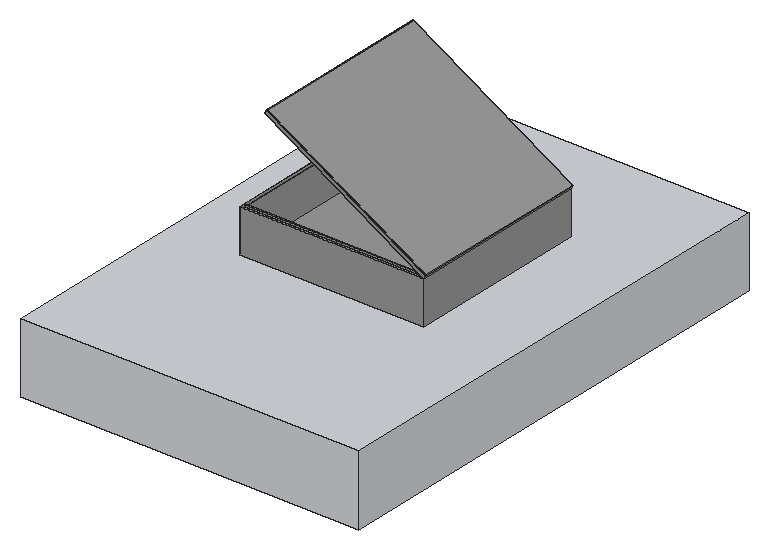
Revit family "Hager-Univers-IP44-D205-H800-Cl.I-encl-NL-en", category Equipement électrique, Revit 2020
Family settings
  Hôte = Face
  Configuration du panneau = Deux colonnes, circuits au sein
  Cote de connecteur circulaire = Utiliser le diamètre
  Type d'élément = Tableau de raccordement
  Couper avec des vides une fois chargée = Non
  Partagée = Non
  Point de calcul de pièce = Non
Parameters (values of type "Surface mounted (plaster) IP44 W800 H800 D205  - FP53QT")
  Width Control [instance] = if([EF000008 - Width] > Min Width, [EF000008 - Width], Min Width)  # 800 mm
  Commentaires du type = [HG000003 - Range]  # "Univers"
  Thickness Door [instance] = if([EF009171 - Material plate thickness door/cover] > 3 mm, 3 mm, [EF009171 - Material plate thickness door/cover])  # 1 mm
  Seal Frame Offset [instance] = 17 mm  # constant formula
  Plinth Visibility [instance] = [HG000027 - Plinth height] > 0 mm  # no
  Model = ""
  Min Width [instance] = 100 mm  # constant formula
  Min Height [instance] = 100 mm  # constant formula
  Min Depth [instance] = (2 * [EF009170 - Material plate thickness cabinet]) + 1 mm  # 3 mm
  Internal Frame Depth [instance] = (Door System Depth * 0.5)  # 9 mm
  Height Control [instance] = if([EF000040 - Height] > Min Height, [EF000040 - Height], Min Height)  # 800 mm
  HG000027 - Plinth height = 0 mm
  HG000026 - Floor standing = no
  HG000024 - Bottom section height = 800 mm
  HG000023 - Double section enclosure = no
  HG000016 - Door 3d visibility [instance] = yes
  HG000015 - Clearance visibility [instance] = no
  HG000014 - Door on the right [instance] = yes
  HG000013 - Door on the left [instance] = not([HG000014 - Door on the right])  # no
  HG000012 - Door swing angle [instance] = 30.00°
  HG000010 - Asymmetric doors = no
  HG000009 - Double swing door = no
  HG000006 - Flush mounted = no
  HG000004 - Manufacturer reference = "FP53QT"
  HG000003 - Range = "Univers"
  HG000002 - With door or cover = yes
  Frame Offset Bottom [instance] = 10 mm  # constant formula
  Frame Offset [instance] = 15 mm  # constant formula
  EF015940 - Cover with overpressure release = no
  EF011959 - Degree of protection (NEMA) = ""
  EF009554 - Number of openings for flange plates = 6
  EF009212 - Cover model = "EV000116 - Closed"
  EF009171 - Material plate thickness door/cover = 1 mm
  EF009170 - Material plate thickness cabinet = 1 mm
  Fabricant = "Hager"  # constant formula
  EF008873 - Nominal current (In) = 250 A
  EF007800 - Suitable for lightning protection = no
  EF006306 - With lock = no
  EF006244 - Transparent cover/door = no
  EF005474 - Degree of protection (IP) = "EV006418 - IP44"
  EF004464 - Type of door = "EV002646 - Single"
  EF004427 - Number of modules = 180
  EF004293 - Impact strength = "EV006815 - IK09"
  EF003532 - Suitable for outdoor use = no
  EF002950 - Width in number of modular spacings = 36
  EF001613 - Circuit integrity = "EV000494 - None"
  EF001596 - Material housing = "EV000179 - Steel"
  EF001131 - Internal depth = 205 mm
  EF001088 - Extension possible = yes
  EF000437 - Number of conduit inlets = 6
  EF000339 - Type of cover = "EV001012 - Cover"
  EF000266 - Number of rows = 5
  EF000218 - Built-in depth = 0 mm
  EF000118 - With mounting plate = no
  EF000116 - RAL-number = "9010"
  EF000049 - Depth = 205 mm
  EF000040 - Height = 800 mm
  EF000008 - Width = 800 mm
  EF000007 - Colour = "EV000202 - White"
  EF000003 - Mounting method = "EV000384 - Surface mounted (plaster)"
  Door System Leaf Tolerance [instance] = 1.5 mm  # constant formula
  Door System Depth [instance] = 18 mm  # constant formula
  Door Height [instance] = Height Control - [HG000027 - Plinth height]  # 800 mm
  Depth Control [instance] = if([EF000049 - Depth] > Min Depth, [EF000049 - Depth], Min Depth)  # 205 mm
  Default Elevation = 0 mm
  Connector Offset [instance] = Height Control / 2  # 400 mm
  Bottom Top Plate Trim [instance] = 1.5 mm  # constant formula
  Plinth height Ctrl [instance] = if([HG000027 - Plinth height] > 0 mm, [HG000027 - Plinth height], 12 mm)  # 12 mm
Types (5, lengths in mm): name | Width Control | HG000004 - Manufacturer reference | EF009554 - Number of openings for flange plates | EF004464 - Type of door | EF004427 - Number of modules | EF002950 - Width in number of modular spacings | EF000437 - Number of conduit inlets | EF000008 - Width
  Surface mounted (plaster) IP44 W1050 H800 D205  - FP54QT | 1050 | "FP54QT" | 8 | "EV003602 - Double" | 240 | 48 | 8 | 1050
  Surface mounted (plaster) IP44 W1300 H800 D205  - FP55QT | 1300 | "FP55QT" | 10 | "EV003602 - Double" | 300 | 60 | 10 | 1300
  Surface mounted (plaster) IP44 W300 H800 D205  - FP51QT | 300 | "FP51QT" | 2 | "EV002646 - Single" | 60 | 12 | 2 | 300
  Surface mounted (plaster) IP44 W550 H800 D205  - FP52QT | 550 | "FP52QT" | 4 | "EV002646 - Single" | 120 | 24 | 4 | 550
  Surface mounted (plaster) IP44 W800 H800 D205  - FP53QT | 800 | "FP53QT" | 6 | "EV002646 - Single" | 180 | 36 | 6 | 800
Reference planes
  plane 1 "Center (Front/Back)": y = 0
  plane 2: z = 0
  plane 3 "Center (Left/Right)": x = 0
  plane 4: z = 205
  plane 5: y = 1
  plane 6: y = 400
  plane 7: y = 0
  plane 8: y = 800
  plane 9: z = 0
  plane 10: x = -385
  plane 11: x = 385
  plane 12: x = 384
  plane 13: x = -384
  plane 14: y = 799
  plane 15: x = -383
  plane 16: x = -400
  plane 17: x = 383
  plane 18: x = 400
  plane 19: x = 399
  plane 20: x = -399
  plane 21: y = 11
  plane 22: y = 800
  plane 23: y = 784
  plane 24: z = 187
  plane 25: z = 1
  plane 26: z = 186
  plane 27: z = 204
Forms (mm)
  Extrusion 1, solid
    sketch origin (0, 0, 0) x (1, 0, 0) y (0, 1, 0)
      loop
        line (-702.964, 1305) -> (-702.964, -811.445) -> (766.763, -811.445) -> (766.763, 1305) -> (-702.964, 1305)
    from 0 to -304.8
  Extrusion 2, solid, material "Hager_Steel_RAL7035_Light_Grey", visible <- "Plinth Visibility", detail levels medium+fine
    sketch origin (0, 0, 0) x (1, 0, 0) y (0, 1, 0)
      loop
        line (-400, 0) -> (400, 0) -> (400, 12) -> (-400, 12) -> (-400, 0)
    from 0 to 187
  Extrusion 3, solid, material "Hager_Steel_RAL7035_Light_Grey", detail levels medium+fine
    sketch origin (0, 0, 0) x (1, 0, 0) y (0, 1, 0)
      loop
        line (-400, 0) -> (400, 0) -> (400, 800) -> (-400, 800) -> (-400, 0)
    from 0 to 187
  Extrusion 4, void
    sketch origin (0, 0, 0) x (1, 0, 0) y (0, 1, 0)
      loop
        line (-399, 1) -> (399, 1) -> (399, 799) -> (-399, 799) -> (-399, 1)
    from 1 to 186
  Extrusion 5, void
    sketch origin (-381.607, -4572, 187) x (0, -1, 0) y (-1, 0, 0)
      loop
        line (-4583, 2.393) -> (-5356, 2.393) -> (-5356, -765.607) -> (-4583, -765.607) -> (-4583, 2.393)
    from 0 to 1 <- "EF009170 - Material plate thickness cabinet"
  Extrusion 6, solid, material "Hager_Steel_RAL7035_Light_Grey", detail levels fine
    sketch origin (0, 0, 187) x (1, 0, 0) y (0, 1, 0)
      loop
        line (-384, 784) -> (-384, 11) -> (384, 11) -> (384, 784) -> (-384, 784)
      loop
        line (-385, 10) -> (385, 10) -> (385, 785) -> (-385, 785) -> (-385, 10)
    from 0 to 9 <- "Internal Frame Depth"
  Extrusion 7, solid, material "Hager_Steel_RAL7035_Light_Grey", detail levels coarse
    sketch origin (0, 0, 0) x (1, 0, 0) y (0, 1, 0)
      loop
        line (-400, 0) -> (400, 0) -> (400, 800) -> (-400, 800) -> (-400, 0)
    from 0 to 205
  Sweep 8, void
    path in 3D
      loop
        line (-400, 12, 0) -> (400, 12, 0) -> (400, 12, 187) -> (-400, 12, 187) -> (-400, 12, 0)
    profile origin (-400, 12, 93.5) x (-1, 0, 0) y (0, -1, 0)
      loop
        line (0, 0) -> (0, 1.5) -> (-1.5, 1.5)
        arc (-1.5, 1.5) -> (-1.061, 0.439) -> (0, 0) r 1.5
Cuts and joins
  Extrusion 4, Extrusion 5 cuts Extrusion 3
  Sweep 8 cuts Extrusion 2
Lines and regions (mm)
  Masking region 1
    outline origin (0, 0, 0) x (1, 0, 0) y (0, 0, 1)
      loop
        line (-400, 205) -> (-400, 0) -> (400, 0) -> (400, 205) -> (-400, 205)
  Masking region 2, detail levels medium+fine
    outline origin (0, 140, 0) x (0, 1, 0) y (0, 0, 1)
      loop
        line (-140, 0) -> (660, 0) -> (660, 187) -> (-140, 187) -> (-140, 0)
  Masking region 3, not visible, detail levels medium+fine
    outline origin (0, 297.922, 0) x (0, 1, 0) y (0, 0, 1)
      loop
        line (113.578, 0) -> (153.578, 0) -> (153.578, 194)
        arc (153.578, 194) -> (150.649, 201.071) -> (143.578, 204) r 10
        line (143.578, 204) -> (113.578, 204) -> (113.578, 0)
  Masking region 4, detail levels coarse
    outline origin (0, 0, 180) x (0, 1, 0) y (0, 0, 1)
      loop
        line (0, -180) -> (800, -180) -> (800, 25) -> (0, 25) -> (0, -180)
  Masking region 5, visible <- "Plinth Visibility", detail levels medium+fine
    outline origin (0, 52.24, 12.345) x (0, 0, -1) y (0, 1, 0)
      loop
        line (10.845, -40.24) -> (-173.155, -40.24)
        arc (-173.155, -40.24) -> (-173.594, -41.301) -> (-174.655, -41.74) r 1.5
        line (-174.655, -41.74) -> (-174.655, -52.24) -> (12.345, -52.24) -> (12.345, -41.74)
        arc (12.345, -41.74) -> (11.285, -41.301) -> (10.845, -40.24) r 1.5
  Masking region 6, detail levels medium+fine
    outline origin (-381.607, -4572, 187) x (-1, 0, 0) y (0, -1, 0)
      loop
        line (18.393, -5372) -> (18.393, -4572) -> (-781.607, -4572) -> (-781.607, -5372) -> (18.393, -5372)
  Masking region 7, visible <- "Plinth Visibility", detail levels medium+fine
    outline origin (-381.607, -4727, 187) x (-1, 0, 0) y (0, -1, 0)
      loop
        arc (16.893, -4739) -> (17.332, -4737.939) -> (18.393, -4737.5) r 1.5
        line (18.393, -4737.5) -> (18.393, -4727) -> (-781.607, -4727) -> (-781.607, -4737.5)
        arc (-781.607, -4737.5) -> (-780.546, -4737.939) -> (-780.107, -4739) r 1.5
        line (-780.107, -4739) -> (16.893, -4739)
  Masking region 8, detail levels coarse
    outline origin (-442.548, -4669.526, 187) x (-1, 0, 0) y (0, -1, 0)
      loop
        line (-42.548, -5469.526) -> (-42.548, -4669.526) -> (-842.548, -4669.526) -> (-842.548, -5469.526) -> (-42.548, -5469.526)
  sketch lines
    curve 1: line (-400, 12, 187) -> (-400, 12, 0)
    curve 2: line (400, 12, 187) -> (-400, 12, 187)
    curve 3: line (400, 12, 187) -> (400, 12, 0)
    curve 4: line (-400, 12, 0) -> (400, 12, 0)
Dimensions and locks
  "Depth Control": plane 4 to Extrusion 1
  "HG000027 - Plinth height": plane 1 "Center (Front/Back)" to plane 7
  "EF009170 - Material plate thickness cabinet": plane 5 to plane 7
  locked: connector elem to plane 3 "Center (Left/Right)"
  equal spacing: plane 8, plane 6, plane 7
  locked: connector elem to plane 6
  "EF009170 - Material plate thickness cabinet": plane 8 to plane 14
  "EF009170 - Material plate thickness cabinet": plane 10 to plane 13
  "EF009170 - Material plate thickness cabinet": plane 12 to plane 11
  "Frame Offset": plane 20 to plane 13
  "Frame Offset": plane 12 to plane 19
  "EF009170 - Material plate thickness cabinet": plane 16 to plane 20
  "EF009170 - Material plate thickness cabinet": plane 19 to plane 18
  "Seal Frame Offset": plane 16 to plane 15
  "Seal Frame Offset": plane 17 to plane 18
  "Frame Offset Bottom": plane 21 to plane 5
  "Frame Offset": plane 14 to plane 23
  equal spacing: plane 16, plane 3 "Center (Left/Right)", plane 18
  "Width Control": plane 16 to plane 18
  "EF009170 - Material plate thickness cabinet": plane 4 to plane 27
  "EF009170 - Material plate thickness cabinet": plane 24 to plane 26
  "EF009170 - Material plate thickness cabinet": plane 25 to level
  "Door System Depth": plane 4 to plane 24
  "Height Control": plane 1 "Center (Front/Back)" to Extrusion 7 sketch curve
  "Height Control": Masking region 4 sketch curve to plane 1 "Center (Front/Back)"
  "Height Control": plane 1 "Center (Front/Back)" to plane 22
  "Bottom Top Plate Trim": profile plane to Sweep 8 sketch curve
  "Bottom Top Plate Trim": Sweep 8 sketch curve to profile plane
  "Plinth height Ctrl": plane 1 "Center (Front/Back)" to Extrusion 2 sketch curve
  "Plinth height Ctrl": Masking region 5 sketch curve to plane 1 "Center (Front/Back)"
  "Plinth height Ctrl": plane 1 "Center (Front/Back)" to Masking region 7 sketch curve
  "Thickness Door": Extrusion 6 sketch curve to Extrusion 6 sketch curve  (x3)
  "Thickness Door": cut or joined group of Extrusion 3, Extrusion 4, Extrusion 5 to Extrusion 6 sketch curve
  radius of Masking region 3 sketch curve = 10 mm
  "Bottom Top Plate Trim": radius of Masking region 5 sketch curve  (x2)
  "Bottom Top Plate Trim": radius of Sweep 8 sketch curve
  "Bottom Top Plate Trim": radius of Masking region 7 sketch curve  (x2)
  aligned and locked: plane 2 to Extrusion 1
  aligned and locked: level to Extrusion 1
  aligned and locked: level to Masking region 1 sketch curve
  aligned and locked: Masking region 1 sketch curve to plane 18
  aligned and locked: Masking region 1 sketch curve to plane 16
  aligned and locked: plane 7 to Masking region 2 sketch curve
  aligned and locked: level to Masking region 3 sketch curve
  aligned and locked: Masking region 3 sketch curve to plane 27
  aligned and locked: level to Masking region 2 sketch curve
  aligned and locked: plane 1 "Center (Front/Back)" to Extrusion 2 sketch curve
  aligned and locked: Extrusion 3 sketch curve to plane 7
  aligned and locked: plane 16 to Extrusion 3 sketch curve
  aligned and locked: plane 18 to Extrusion 3 sketch curve
  aligned and locked: plane 20 to Extrusion 4 sketch curve
  aligned and locked: plane 19 to Extrusion 4 sketch curve
  aligned and locked: Extrusion 4 sketch curve to plane 5
  aligned and locked: Extrusion 4 to plane 25
  aligned and locked: plane 26 to Extrusion 4
  aligned and locked: plane 24 to Extrusion 3
  aligned and locked: Extrusion 5 sketch curve to plane 21
  aligned and locked: Extrusion 5 sketch curve to plane 13
  aligned and locked: Extrusion 5 sketch curve to plane 12
  aligned and locked: plane 18 to Extrusion 7 sketch curve
  aligned and locked: plane 1 "Center (Front/Back)" to Extrusion 7 sketch curve
  aligned and locked: plane 16 to Extrusion 7 sketch curve
  aligned and locked: plane 4 to Extrusion 7
  aligned and locked: Extrusion 7 to level
  aligned and locked: level to Masking region 4 sketch curve
  aligned and locked: Masking region 4 sketch curve to plane 1 "Center (Front/Back)"
  aligned and locked: Masking region 4 sketch curve to plane 4
  aligned and locked: nested 1 to level
  aligned and locked: nested 1 to plane 16
  aligned and locked: plane 8 to Extrusion 3 sketch curve
  aligned and locked: plane 23 to Extrusion 5 sketch curve
  aligned and locked: plane 14 to Extrusion 4 sketch curve
  aligned and locked: Masking region 2 sketch curve to plane 8
  aligned and locked: level to Masking region 5 sketch curve
  aligned and locked: plane 16 to Extrusion 2 sketch curve
  aligned and locked: plane 18 to Extrusion 2 sketch curve
  aligned and locked: Masking region 5 sketch curve to plane 24
  aligned and locked: Masking region 2 sketch curve to plane 24
  aligned and locked: plane 24 to Extrusion 2
  aligned and locked: profile plane to Sweep 8 sketch curve  (x2)
  aligned and locked: Masking region 6 sketch curve to plane 18
  aligned and locked: Masking region 6 sketch curve to plane 22
  aligned and locked: Masking region 6 sketch curve to plane 16
  aligned and locked: plane 8 to plane 22
  aligned and locked: Masking region 6 sketch curve to plane 7
  aligned and locked: Masking region 7 sketch curve to plane 16
  aligned and locked: Masking region 7 sketch curve to plane 1 "Center (Front/Back)"
  aligned and locked: Masking region 7 sketch curve to plane 18
  aligned and locked: Masking region 8 sketch curve to plane 1 "Center (Front/Back)"
  aligned and locked: Masking region 8 sketch curve to plane 18
  aligned and locked: Masking region 8 sketch curve to plane 22
  aligned and locked: Masking region 8 sketch curve to plane 16
  aligned and locked: nested 2 to plane 7
  aligned and locked: plane 3 "Center (Left/Right)" to nested 2
  aligned and locked: nested 2 to plane 24
  aligned and locked: Extrusion 6 sketch curve to cut or joined group of Extrusion 3, Extrusion 4, Extrusion 5  (x4)
Automatic sketch dimensions
  Extrusion 1 sketch curve to Extrusion 1 sketch curve = 1469.727 mm
  Extrusion 1 sketch curve to Extrusion 1 sketch curve = 2116.445 mm
  Masking region 1 sketch curve to plane 4 = 0 mm
  plane 6 to Masking region 3 sketch curve = 11.5 mm
  Masking region 3 sketch curve to Masking region 3 sketch curve = 30 mm
  Masking region 5 sketch curve to plane 1 "Center (Front/Back)" = 0 mm
Nested families
  nested 1: "Hager_Enclosure_Symbol" at (-400, 0, 0) x (1, 0, 0) z (0, -1, 0), Height <- "Depth Control", Width <- "Width Control", type "Hager_Enclosure_Symbol"
    with Width_Ctrl 800 mm, Width 800 mm, Height_Ctrl 205 mm, Height 205 mm, A_Width_Int 13.453 mm, A_Width 161.438 mm, A_Height_Ctrl 179.375 mm, A_Height 179.375 mm
  nested 2: "EC000058_Univers_Door" at (0, 0, 187) x (1, 0, 0) z (0, 1, 0), Leaf_Tolerance <- "Door System Leaf Tolerance", Angle <- "HG000012 - Door swing angle", Door_Depth <- "Door System Depth", Door_Left <- "HG000013 - Door on the left", Transparent <- "EF006244 - Transparent cover/door", Assymetrical <- "HG000010 - Asymmetric doors", Width <- "Width Control", Clearance <- "HG000015 - Clearance visibility", Double <- "HG000009 - Double swing door", 3d_Door <- "HG000016 - Door 3d visibility", Lock_Visibility <- "EF006306 - With lock", Width_Ctrl <- "Width Control", Door_Right <- "HG000014 - Door on the right", Door <- "HG000002 - With door or cover", Height <- "Door Height", Thickness <- "Thickness Door", type "EC000058_Univers_Door", detail levels medium+fine
    with min_wh 3 mm, Width_Ctrl 800 mm, Width 800 mm, Transparent no, Thickness 1 mm, Seal_Material Hager_Rubber, Lock_Visibility no, Lock_Material Hager_Plastic_RAL9005_Jet_Black, Leaf_Width 800 mm, Leaf_Tolerance_External_Sides 0 mm, Leaf_Tolerance 1.5 mm, Leaf_Offset 0 mm, Leaf_Height 797 mm, Leaf_2_Width 800 mm, Leaf_2_Offset 400 mm, Leaf_1_Width 800 mm, Leaf_1_Offset 400 mm, Height_Ctrl 800 mm, Height 800 mm, Glass_Material Hager_Glass, Double_Clearance_Ctrl no, Double no, Door_Right_Ctrl yes, Door_Right yes, Door_Material Hager_Steel_RAL7035_Light_Grey, Door_Left_Ctrl no, Door_Left no, Door_Depth 18 mm, Door yes, Clearance_Material Hager_Clearance, Clearance_Depth 800 mm, Clearance_Ctrl no, Clearance no, Assymetrical no, Angle 30.00°, 3d_Door yes
Connectors
  electrical at (0, 400, 0)
    settings: on plane 9, index 1, voltage 0 V, apparent load 0 VA, apparent load phase1 0 VA, apparent load phase2 0 VA, apparent load phase3 0 VA, power factor 1, load classification "Other", number of poles 1, system type 30, power factor state 1, is connector primary yes, connector utility no, sub classification motor no, connector description ""
Definition of nested family "EC000058_Univers_Door"
  Parameters (values of type "EC000058_Univers_Door")
    min_wh [instance] = (2 * Thickness) + 1 mm  # 11 mm
    Width_Ctrl [instance] = 400 mm
    Width [instance] = 500 mm
    Transparent [instance] = yes
    Thickness [instance] = 5 mm
    Seal_Material [instance] = none
    Lock_Visibility [instance] = yes
    Lock_Material [instance] = none
    Leaf_Width [instance] = if((Width_Ctrl - 2 * Leaf_Tolerance_External_Sides) > 0 mm, (Width_Ctrl - 2 * Leaf_Tolerance_External_Sides), min_wh)  # 400 mm
    Leaf_Tolerance_External_Sides [instance] = 0 mm  # constant formula
    Leaf_Tolerance [instance] = 1.5 mm
    Leaf_Offset [instance] = 0 mm  # constant formula
    Leaf_Height [instance] = if((Height_Ctrl - 2 * Leaf_Tolerance) > 0 mm, (Height_Ctrl - 2 * Leaf_Tolerance), min_wh)  # 497 mm
    Leaf_2_Width [instance] = if(and(and(Double, Assymetrical), Door_Left), (Leaf_Width / 3) - (Leaf_Tolerance / 2), if(and(and(Double, Assymetrical), Door_Right), (Leaf_Width / 3) * 2 - (Leaf_Tolerance / 2), if(and(Double, not(Assymetrical)), (Leaf_Width / 2) - Leaf_Tolerance, Leaf_Width)))  # 400 mm
    Leaf_2_Offset [instance] = if(and(Double, Assymetrical), Leaf_2_Width / 2, if(and(Double, not(Assymetrical)), Leaf_Width / 4, Leaf_Width / 2))  # 200 mm
    Leaf_1_Width [instance] = if(and(and(Double, Assymetrical), Door_Right), (Leaf_Width / 3) - (Leaf_Tolerance / 2), if(and(and(Double, Assymetrical), Door_Left), (Width / 3) * 2 - (Leaf_Tolerance / 2), if(and(Double, not(Assymetrical)), (Leaf_Width / 2) - Leaf_Tolerance, Leaf_Width)))  # 400 mm
    Leaf_1_Offset [instance] = if(and(Double, Assymetrical), Leaf_1_Width / 2, if(and(Double, not(Assymetrical)), Leaf_Width / 4, Leaf_Width / 2))  # 200 mm
    Height_Ctrl [instance] = if(Height > min_wh, Height, min_wh)  # 500 mm
    Height [instance] = 500 mm
    Glass_Material [instance] = none
    Double_Clearance_Ctrl [instance] = and(Double, Clearance)  # no
    Double [instance] = no
    Door_Right_Ctrl [instance] = and(or(Door_Right, Double), Door)  # yes
    Door_Right [instance] = yes
    Door_Material [instance] = none
    Door_Left_Ctrl [instance] = and(or(Door_Left, Double), Door)  # no
    Door_Left [instance] = no
    Door_Depth [instance] = 30 mm
    Door [instance] = yes
    Default Elevation = 1219.2 mm
    Clearance_Material [instance] = none
    Clearance_Depth [instance] = if(Leaf_1_Width > Leaf_2_Width, Leaf_1_Width, Leaf_2_Width)  # 400 mm
    Clearance_Ctrl [instance] = and(not(Double), Clearance)  # yes
    Clearance [instance] = yes
    Assymetrical [instance] = yes
    Angle [instance] = 30.00°
    3d_Door [instance] = yes
  Reference planes
    plane 1 "Center (Front/Back)": y = 0
    plane 2 "Bottom": z = 0
    plane 3 "Center (Left/Right)": x = 0
    plane 4: z = 500
    plane 5: x = -200
    plane 6: x = 200
    plane 7: z = 500
    plane 8: x = -200
    plane 9: z = 0
    plane 10: x = 200
    plane 11: y = 0
    plane 12: z = 1.5
    plane 13: x = -600
    plane 14: y = -400
    plane 15: x = 600
    plane 16: x = 0
    plane 17: x = 0
    plane 18: x = -200
    plane 19: x = 200
    plane 20: z = 498.5
  Forms (mm)
    Extrusion 1, solid, material <- "Clearance_Material", visible <- "Double_Clearance_Ctrl"
      sketch origin (1200, 0, 0) x (1, 0, 0) y (0, 0, -1)
        loop
          line (-1800, -498.5) -> (-600, -498.5) -> (-600, 0) -> (-1800, 0) -> (-1800, -498.5)
      from 0 to -400
  Dimensions and locks
    equal spacing: plane 5, plane 3 "Center (Left/Right)", plane 6
    "Width_Ctrl": plane 5 to plane 6
    "Leaf_Offset": plane 5 to plane 8
    "Leaf_Offset": plane 6 to plane 10
    "Leaf_Offset": plane 9 to level
    "Leaf_Offset": plane 4 to plane 7
    "Height_Ctrl": plane 4 to level
    "Leaf_Tolerance": plane 12 to plane 9
    locked: plane 11 to plane 1 "Center (Front/Back)"
    "Leaf_1_Offset": plane 18 to plane 16
    "Leaf_2_Offset": plane 17 to plane 19
    "Leaf_1_Width": plane 13 to plane 8
    "Leaf_2_Width": plane 10 to plane 15
    "Clearance_Depth": plane 14 to plane 1 "Center (Front/Back)"
    "Leaf_Tolerance_External_Sides": plane 8 to plane 18
    "Leaf_Tolerance_External_Sides": plane 19 to plane 10
    "Leaf_Tolerance": plane 7 to plane 20
    aligned and locked: level to plane 2 "Bottom"
    aligned and locked: nested 1 to plane 16
    aligned and locked: nested 2 to plane 17
    aligned and locked: Extrusion 1 to plane 13
    aligned and locked: plane 15 to Extrusion 1
    aligned and locked: Extrusion 1 to plane 14
    aligned and locked: plane 12 to nested 1
    aligned and locked: nested 2 to plane 12
    aligned and locked: Extrusion 1 to plane 11
    aligned and locked: plane 20 to Extrusion 1
    aligned and locked: nested 2 to plane 11
    aligned and locked: nested 1 to plane 11
  Automatic sketch dimensions
    Extrusion 1 sketch curve to level = 0 mm
    plane 5 to Extrusion 1 sketch curve = 400 mm
    plane 6 to Extrusion 1 sketch curve = 400 mm
    Extrusion 1 sketch curve to plane 4 = 1.5 mm
  Nested families
    nested 1: "EC000058_Univers_Door_Leaf" at (0, 0, 1.5), Width <- "Leaf_1_Width", visible <- "Door_Left_Ctrl", Leaf_Height <- "Leaf_Height", Angle <- "Angle", 3d_Door <- "3d_Door", Transparent <- "Transparent", Clearance Material <- "Clearance_Material", Clearance <- "Clearance_Ctrl", Door_Material <- "Door_Material", Glass_Material <- "Glass_Material", Door_Depth <- "Door_Depth", Lock_Material <- "Lock_Material", Seal_Material <- "Seal_Material", Lock_Visibility <- "Lock_Visibility", Thickness <- "Thickness", type "EC000058_Univers_Door_Leaf"
      with Width 400 mm, Transparent_Glass_Offset 30 mm, Transparent_Ctrl yes, Transparent yes, Thickness 5 mm, Standard no, Seal_Material none, Seal_D2 8 mm, Seal_D1 1 mm, Offset_Internal_Frame 10 mm, Lock_Width 20 mm, Lock_Visibility_3d yes, Lock_Visibility yes, Lock_Thickness_3 3 mm, Lock_Thickness_2 1 mm, Lock_Thickness_1 3 mm, Lock_Radius_Offset_2 16 mm, Lock_Radius_Offset_1 15 mm, Lock_Radius_2 5 mm, Lock_Radius 6 mm, Lock_Offset 5 mm, Lock_Material none, Lock_Height 80 mm, Lock_Cover_Top_Offset_2d 17 mm, Lock_Cover_Height -65 mm, Leaf_Height 497 mm, Internal_Seal_Thickness 8 mm, Internal_Seal_Depth_2 4.5 mm, Internal_Frame_Depth 25 mm, Glass_Thickness -1 mm, Glass_Offset -2 mm, Glass_Material none, Door_Material none, Door_Depth 30 mm, Clearance Material none, Clearance yes, Angle_Ctrl 30.00°, Angle 30.00°, 3d_Door yes
    nested 2: "EC000058_Univers_Door_Leaf" at (0, 0, 1.5) x (-1, 0, 0) z (0, 0, 1), Width <- "Leaf_2_Width", visible <- "Door_Right_Ctrl", Leaf_Height <- "Leaf_Height", Angle <- "Angle", 3d_Door <- "3d_Door", Transparent <- "Transparent", Clearance Material <- "Clearance_Material", Clearance <- "Clearance_Ctrl", Door_Material <- "Door_Material", Glass_Material <- "Glass_Material", Door_Depth <- "Door_Depth", Lock_Material <- "Lock_Material", Seal_Material <- "Seal_Material", Lock_Visibility <- "Lock_Visibility", Thickness <- "Thickness", type "EC000058_Univers_Door_Leaf"
      with Width 400 mm, Transparent_Glass_Offset 30 mm, Transparent_Ctrl yes, Transparent yes, Thickness 5 mm, Standard no, Seal_Material none, Seal_D2 8 mm, Seal_D1 1 mm, Offset_Internal_Frame 10 mm, Lock_Width 20 mm, Lock_Visibility_3d yes, Lock_Visibility yes, Lock_Thickness_3 3 mm, Lock_Thickness_2 1 mm, Lock_Thickness_1 3 mm, Lock_Radius_Offset_2 16 mm, Lock_Radius_Offset_1 15 mm, Lock_Radius_2 5 mm, Lock_Radius 6 mm, Lock_Offset 5 mm, Lock_Material none, Lock_Height 80 mm, Lock_Cover_Top_Offset_2d 17 mm, Lock_Cover_Height -65 mm, Leaf_Height 497 mm, Internal_Seal_Thickness 8 mm, Internal_Seal_Depth_2 4.5 mm, Internal_Frame_Depth 25 mm, Glass_Thickness -1 mm, Glass_Offset -2 mm, Glass_Material none, Door_Material none, Door_Depth 30 mm, Clearance Material none, Clearance yes, Angle_Ctrl 30.00°, Angle 30.00°, 3d_Door yes
  Definition of nested family "EC000058_Univers_Door_Leaf"
    Parameters (values of type "EC000058_Univers_Door_Leaf")
      Width [instance] = 2000 mm
      Transparent_Glass_Offset [instance] = 30 mm
      Transparent_Ctrl [instance] = and(Transparent, [3d_Door])  # yes
      Transparent [instance] = yes
      Thickness [instance] = 5 mm
      Standard [instance] = and(not(Transparent), [3d_Door])  # no
      Seal_Material [instance] = none
      Seal_D2 [instance] = 8 mm  # constant formula
      Seal_D1 [instance] = 1 mm  # constant formula
      Offset_Internal_Frame [instance] = 10 mm  # constant formula
      Lock_Width [instance] = 20 mm  # constant formula
      Lock_Visibility_3d [instance] = and(Lock_Visibility, [3d_Door])  # yes
      Lock_Visibility [instance] = yes
      Lock_Thickness_3 [instance] = 3 mm  # constant formula
      Lock_Thickness_2 [instance] = 1 mm  # constant formula
      Lock_Thickness_1 [instance] = 3 mm  # constant formula
      Lock_Radius_Offset_2 [instance] = Lock_Radius_Offset_1 + 1 mm  # 16 mm
      Lock_Radius_Offset_1 [instance] = 15 mm  # constant formula
      Lock_Radius_2 [instance] = Lock_Radius - 1 mm  # 5 mm
      Lock_Radius [instance] = 6 mm  # constant formula
      Lock_Offset [instance] = 5 mm  # constant formula
      Lock_Material [instance] = none
      Lock_Height [instance] = 80 mm  # constant formula
      Lock_Cover_Top_Offset_2d [instance] = Lock_Radius_Offset_2 + 1 mm  # 17 mm
      Lock_Cover_Height [instance] = -(Lock_Height - Lock_Radius_Offset_1)  # -65 mm
      Leaf_Height [instance] = 2720.336 mm
      Internal_Seal_Thickness [instance] = 8 mm  # constant formula
      Internal_Seal_Depth_2 [instance] = 4.5 mm  # constant formula
      Internal_Frame_Depth [instance] = if(Door_Depth - Thickness > 5 mm, Door_Depth - Thickness, 5 mm)  # 25 mm
      Glass_Thickness [instance] = if(Thickness > 15 mm, Glass_Offset + 10 mm, -1 mm)  # -1 mm
      Glass_Offset [instance] = if(Thickness > 15 mm, -(Thickness + 10 mm) / 2, -2 mm)  # -2 mm
      Glass_Material [instance] = none
      Door_Material [instance] = none
      Door_Depth [instance] = 30 mm
      Default Elevation = 0 mm
      Clearance Material [instance] = none
      Clearance [instance] = yes
      Angle_Ctrl [instance] = if(Angle > 180.00°, 180.00°, Angle)  # 90.00°
      Angle [instance] = 90.00°
      3d_Door [instance] = yes
    Reference planes
      plane 1 "Center (Front/Back)": y = 0
      plane 2: z = 0
      plane 3 "Center (Left/Right)": x = 0
      plane 4: y = 2000
      plane 5: x = -1000
      plane 6: x = 1000
      plane 7: x = -3000
      plane 8: z = 2720.336
      plane 9: z = 30
      plane 10: z = 2690.336
      plane 11: x = 970
      plane 12: x = -970
      plane 13: y = -3
      plane 14: z = 107.833
      plane 15: y = -5
      plane 16: y = -223.314
      plane 17: x = -1000
      plane 18: z = 1360.168
      plane 19: y = 30
    Forms (mm)
      Extrusion 1, solid, material <- "Clearance Material", visible <- "Clearance"
        sketch origin (0, 0, 0) x (1, 0, 0) y (0, 0, 1)
          loop
            line (-3000, 2720.336) -> (-3000, 0) -> (1000, 0) -> (1000, 2720.336) -> (-3000, 2720.336)
        from 0 to -2000
      Extrusion 2, solid, material <- "Door_Material", visible <- "Standard", detail levels medium+fine
        sketch origin (-1000, 0, 0) x (0, 1, 0) y (-1, 0, 0)
          loop
            line (0, 30) -> (0, 25) -> (2000, 25) -> (2000, 30) -> (0, 30)
        from 0 to 2720.336 <- "Leaf_Height"
      Extrusion 3, solid, material <- "Door_Material", visible <- "Transparent_Ctrl", detail levels medium+fine
        sketch origin (-1000, 0, 0) x (0, 1, 0) y (-1, 0, 0)
          loop
            line (0, 25) -> (2000, 25) -> (2000, 30) -> (0, 30) -> (0, 25)
        from 0 to 2720.336 <- "Leaf_Height"
      Extrusion 4, void
        sketch origin (-1025, 2000, 0) x (0, 1, 0) y (0, 0, -1)
          loop
            line (-30, -2690.336) -> (-30, -30) -> (-1970, -30) -> (-1970, -2690.336) -> (-30, -2690.336)
        from 0 to 5 <- "Thickness"
      Sweep 5, solid, material <- "Seal_Material", visible <- "Transparent_Ctrl", detail levels fine
        path in 3D
          loop
            line (-1025, 30, 30) -> (-1025, 30, 2690.336) -> (-1025, 1970, 2690.336) -> (-1025, 1970, 30) -> (-1025, 30, 30)
        profile origin (-1025, 1000, 30) x (1, 0, 0) y (0, 0, 1)
          loop
            line (0, 0) -> (0, -8) -> (1, -8) -> (1, 0) -> (0, 0)
      Extrusion 6, solid, material <- "Glass_Material", visible <- "Transparent_Ctrl", detail levels medium+fine
        sketch origin (-1030, 0, 0) x (0, 1, 0) y (0, 0, -1)
          loop
            line (1970, -2690.336) -> (1970, -30) -> (30, -30) -> (30, -2690.336) -> (1970, -2690.336)
        from -2 <- "Glass_Offset" to -1 <- "Glass_Thickness"
      Extrusion 7, solid, material <- "Door_Material", visible <- "3d_Door", detail levels medium+fine
        sketch origin (-1025, 2000, 0) x (0, -1, 0) y (0, 0, -1)
          loop
            line (0, -2720.336) -> (2000, -2720.336) -> (2000, 0) -> (0, 0) -> (0, -2720.336)
          loop
            line (1995, -5) -> (5, -5) -> (5, -2715.336) -> (1995, -2715.336) -> (1995, -5)
        from 0 to 25 <- "Internal_Frame_Depth"
      Sweep 8, solid, material <- "Seal_Material", visible <- "Transparent_Ctrl", detail levels fine
        path in 3D
          loop
            line (-1025, 0, 0) -> (-1025, 2000, 0) -> (-1025, 2000, 2720.336) -> (-1025, 0, 2720.336) -> (-1025, 0, 0)
        profile origin (-1025, 0, 1360.168) x (1, 0, 0) y (0, 1, 0)
          loop
            line (0, 10) -> (2.975, 10)
            arc (2.975, 10) -> (4.053, 10.447) -> (4.5, 11.525) r 1.525
            line (4.5, 11.525) -> (4.5, 16.527)
            arc (4.5, 16.527) -> (4.069, 17.569) -> (3.027, 18) r 1.473
            line (3.027, 18) -> (0, 18) -> (0, 10)
      Extrusion 9, solid, material <- "Lock_Material", visible <- "Lock_Visibility_3d", detail levels fine
        sketch origin (-1030, 0, 0) x (0, 1, 0) y (0, 0, -1)
          loop
            arc (1993.5, -1400.168) -> (1994.561, -1399.729) -> (1995, -1398.668) r 1.5
            line (1995, -1398.668) -> (1995, -1320.168) -> (1975, -1320.168) -> (1975, -1398.668)
            arc (1975, -1398.668) -> (1975.439, -1399.729) -> (1976.5, -1400.168) r 1.5
            line (1976.5, -1400.168) -> (1993.5, -1400.168)
        from 3 <- "Lock_Thickness_1" to 0
      Blend 10, solid, material <- "Lock_Material", visible <- "Lock_Visibility_3d", detail levels fine
        base sketch origin (-1033, 0, 0) x (0, 1, 0) y (0, 0, -1)
          loop
            line (1975, -1320.168) -> (1975, -1398.668)
            arc (1975, -1398.668) -> (1975.439, -1399.729) -> (1976.5, -1400.168) r 1.5
            line (1976.5, -1400.168) -> (1993.5, -1400.168)
            arc (1993.5, -1400.168) -> (1994.561, -1399.729) -> (1995, -1398.668) r 1.5
            line (1995, -1398.668) -> (1995, -1320.168) -> (1975, -1320.168)
        top sketch origin (-1033, 0, 0) x (0, 1, 0) y (0, 0, -1)
          loop
            line (1976, -1320.168) -> (1976, -1398.668)
            arc (1976, -1398.668) -> (1976.146, -1399.022) -> (1976.5, -1399.168) r 0.5
            line (1976.5, -1399.168) -> (1993.5, -1399.168)
            arc (1993.5, -1399.168) -> (1993.854, -1399.022) -> (1994, -1398.668) r 0.5
            line (1994, -1398.668) -> (1994, -1320.168) -> (1976, -1320.168)
        from 0 to 1 <- "Lock_Thickness_2"
      Blend 11, solid, material <- "Lock_Material", visible <- "Lock_Visibility_3d", detail levels fine
        base sketch origin (-1034, 0, 0) x (0, 1, 0) y (0, 0, -1)
          loop
            line (1978, -1320.168) -> (1978, -1384.168)
            arc (1978, -1384.168) -> (1985, -1391.168) -> (1992, -1384.168) r 7
            line (1992, -1384.168) -> (1992, -1320.168) -> (1978, -1320.168)
        top sketch origin (-1034, 0, 0) x (0, 1, 0) y (0, 0, -1)
          loop
            line (1991, -1320.168) -> (1979, -1320.168) -> (1979, -1383.168)
            arc (1979, -1383.168) -> (1985, -1389.168) -> (1991, -1383.168) r 6
            line (1991, -1383.168) -> (1991, -1320.168)
        from 0 to 3 <- "Lock_Thickness_3"
      Extrusion 12, solid, material <- "Lock_Material", visible <- "Lock_Visibility_3d", detail levels fine
        sketch origin (-1030, 1975, 1320.168) x (1, 0, 0) y (0, -1, 0)
          loop
            line (-7, -19) -> (-7, -1) -> (0, -1) -> (0, 0) -> (-8, 0) -> (-8, -20) -> (0, -20) -> (0, -19) -> (-7, -19)
        from 0 to -65 <- "Lock_Cover_Height"
      Extrusion 13, void
        sketch origin (-1038, 1995, 1320.168) x (-1, 0, 0) y (0, 0, -1)
          loop
            line (-5, -65) -> (0, -65) -> (-5, -60) -> (-5, -65)
        from 0 to 20 <- "Lock_Width"
      Extrusion 14, void
        sketch origin (-1038, 1975, 1320.168) x (0, -1, 0) y (0, 0, -1)
          loop
            circle (-10, -15.995) r 6
          loop
            circle (-10, -15.995) r 5
        from 0 to 2
      Extrusion 15, solid, material <- "Lock_Material", visible <- "Lock_Visibility_3d", detail levels medium
        sketch origin (-1030, 0, 0) x (0, 1, 0) y (0, 0, -1)
          loop
            arc (1993.5, -1400.168) -> (1994.561, -1399.729) -> (1995, -1398.668) r 1.5
            line (1995, -1398.668) -> (1995, -1320.168) -> (1975, -1320.168) -> (1975, -1398.668)
            arc (1975, -1398.668) -> (1975.439, -1399.729) -> (1976.5, -1400.168) r 1.5
            line (1976.5, -1400.168) -> (1993.5, -1400.168)
        from 8 to 0
    Cuts and joins
      Extrusion 4 cuts Extrusion 3
      Extrusion 13, Extrusion 14 cuts Extrusion 9
      Extrusion 14 cuts Blend 11
      Extrusion 13, Extrusion 14 cuts Extrusion 12
      joined: Extrusion 9, Blend 10, Blend 11, Extrusion 12
      Extrusion 14 cuts Extrusion 15
    Lines and regions (mm)
      Masking region 1, visible <- "Lock_Visibility", detail levels fine
        outline origin (0, 0, 0) x (0, 1, 0) y (0, 0, 1)
          loop
            line (30, 1320.168) -> (33, 1320.168) -> (33, 1400.168) -> (30, 1400.168) -> (30, 1320.168)
      Masking region 2, visible <- "Lock_Visibility", detail levels fine
        outline origin (0, 3.143, 0) x (0, 1, 0) y (0, 0, 1)
          loop
            line (29.857, 1354.168) -> (30.857, 1354.168) -> (30.857, 1366.168) -> (29.857, 1366.168) -> (29.857, 1354.168)
      Masking region 3, detail levels medium+fine
        outline origin (0, 0, 0) x (0, 1, 0) y (0, 0, 1)
          loop
            line (0, 0) -> (30, 0) -> (30, 2720.336) -> (0, 2720.336) -> (0, 0)
      Masking region 4, detail levels medium+fine
        outline origin (0, 0, 0) x (1, 0, 0) y (0, 0, 1)
          loop
            line (-1000, 2720.336) -> (-1000, 0) -> (1000, 0) -> (1000, 2720.336) -> (-1000, 2720.336)
      Masking region 5, visible <- "Lock_Visibility", detail levels fine
        outline origin (-47.116, 0, 0) x (1, 0, 0) y (0, 0, 1)
          loop
            arc (1024.616, 1399.168) -> (1023.556, 1398.729) -> (1023.116, 1397.668) r 1.5
            line (1023.116, 1397.668) -> (1023.116, 1320.168) -> (1041.116, 1320.168) -> (1041.116, 1397.668)
            arc (1041.116, 1397.668) -> (1040.677, 1398.729) -> (1039.616, 1399.168) r 1.5
            line (1039.616, 1399.168) -> (1024.616, 1399.168)
      Masking region 6, visible <- "Lock_Visibility", detail levels medium+fine
        outline origin (-25, 0, 0) x (1, 0, 0) y (0, 0, 1)
          loop
            arc (1001.5, 1400.168) -> (1000.439, 1399.729) -> (1000, 1398.668) r 1.5
            line (1000, 1398.668) -> (1000, 1320.168) -> (1020, 1320.168) -> (1020, 1398.668)
            arc (1020, 1398.668) -> (1019.561, 1399.729) -> (1018.5, 1400.168) r 1.5
            line (1018.5, 1400.168) -> (1001.5, 1400.168)
      Masking region 7, visible <- "Lock_Visibility", detail levels fine
        outline origin (-73.735, 0, 0) x (1, 0, 0) y (0, 0, 1)
          loop
            line (1051.735, 1382.168) -> (1065.735, 1382.168) -> (1065.735, 1384.168)
            arc (1065.735, 1384.168) -> (1058.735, 1391.168) -> (1051.735, 1384.168) r 7
            line (1051.735, 1384.168) -> (1051.735, 1382.168)
      Masking region 8, visible <- "Lock_Visibility", detail levels fine
        outline origin (-73.735, 0, 0) x (1, 0, 0) y (0, 0, 1)
          loop
            line (1052.735, 1382.168) -> (1064.735, 1382.168) -> (1064.735, 1383.168)
            arc (1064.735, 1383.168) -> (1058.735, 1389.168) -> (1052.735, 1383.168) r 6
            line (1052.735, 1383.168) -> (1052.735, 1382.168)
      Masking region 9, visible <- "Lock_Visibility", detail levels fine
        outline origin (-25, 0, 0) x (1, 0, 0) y (0, 0, 1)
          loop
            line (1020, 1320.168) -> (1020, 1382.168) -> (1000, 1382.168) -> (1000, 1320.168) -> (1020, 1320.168)
      Masking region 10, detail levels medium+fine
        outline origin (0, 0, 0) x (1, 0, 0) y (0, 0, 1)
          loop
            circle (985, 1335.144) r 6
      Masking region 11, detail levels fine
        outline origin (0, 0, 0) x (1, 0, 0) y (0, 0, 1)
          loop
            circle (985, 1335.144) r 5
      Masking region 12, visible <- "Lock_Visibility", detail levels fine
        outline origin (0, 12.767, 0) x (0, 1, 0) y (0, 0, 1)
          loop
            line (20.233, 1320.168) -> (21.233, 1320.168) -> (21.233, 1399.168) -> (20.233, 1400.168) -> (20.233, 1320.168)
      Masking region 13, visible <- "Lock_Visibility", detail levels fine
        outline origin (0, 13.767, -10) x (0, 1, 0) y (0, 0, 1)
          loop
            line (20.233, 1330.168) -> (23.233, 1330.168) -> (23.233, 1399.168) -> (20.233, 1402.168) -> (20.233, 1330.168)
      Masking region 14, visible <- "Lock_Visibility", detail levels fine
        outline origin (0, 12.767, -10) x (0, 1, 0) y (0, 0, 1)
          loop
            line (20.233, 1330.168) -> (25.233, 1330.168) -> (25.233, 1399.305) -> (20.233, 1394.305) -> (20.233, 1330.168)
      Masking region 15, visible <- "Lock_Visibility", detail levels medium
        outline origin (0, 0, 0) x (0, 1, 0) y (0, 0, 1)
          loop
            line (30, 1320.168) -> (38, 1320.168) -> (38, 1400.168) -> (30, 1400.168) -> (30, 1320.168)
      Masking region 16, visible <- "Lock_Visibility", detail levels fine
        outline origin (-1000, 0, 0) x (0, 1, 0) y (-1, 0, 0)
          loop
            line (1975, 30) -> (1995, 30) -> (1995, 38) -> (1975, 38) -> (1975, 30)
          loop
            line (1979, 37) -> (1976, 37) -> (1976, 34) -> (1978, 34) -> (1979, 37)
          loop
            line (1994, 37) -> (1991, 37) -> (1992, 34) -> (1994, 34) -> (1994, 37)
      Masking region 17, visible <- "Lock_Visibility", detail levels medium
        outline origin (-1000, 0, 0) x (0, 1, 0) y (-1, 0, 0)
          loop
            line (1975, 30) -> (1995, 30) -> (1995, 38) -> (1975, 38) -> (1975, 30)
      symbolic lines
        curve 1: line (1000, 0, 0) -> (-3000, 0, 0)
        curve 2: arc (1000, 0, 0) -> (-1000, 2000, 0) -> (-3000, 0, 0) r 2000
        curve 4: line (-1030, 0, 0) -> (-1030, 2000, 0)
      reference lines
        curve 3: line (-1000, 0, 0) -> (-1000, 2000, 0)
      symbolic lines, detail levels medium+fine
        curve 5: line (-1030, 2000, 0) -> (-1025, 2000, 0)
        curve 7: line (-1025, 0, 0) -> (-1030, 0, 0)
        curve 8: line (-1025, 0, 0) -> (-1000, 0, 0)
        curve 9: line (-1000, 0, 0) -> (-1000, 2000, 0)
        curve 10: line (-1000, 2000, 0) -> (-1025, 2000, 0)
      symbolic lines, detail levels fine
        curve 6: line (-1025, 2000, 0) -> (-1025, 0, 0)
      sketch lines
        curve 11: line (-1025, 0, 2720.336) -> (-1025, 0, 0)
        curve 12: line (-1025, 2000, 0) -> (-1025, 0, 0)
        curve 13: line (-1025, 2000, 2720.336) -> (-1025, 2000, 0)
        curve 14: line (-1025, 0, 2720.336) -> (-1025, 2000, 2720.336)
        curve 15: line (-1025, 1970, 30) -> (-1025, 30, 30)
        curve 16: line (-1025, 30, 30) -> (-1025, 30, 2690.336)
        curve 17: line (-1025, 1970, 2690.336) -> (-1025, 1970, 30)
        curve 18: line (-1025, 30, 2690.336) -> (-1025, 1970, 2690.336)
      symbolic lines, visible <- "Transparent", detail levels medium+fine
        curve 19: line (-970, 0, 2690.336) -> (970, 0, 2690.336)
        curve 20: line (-970, 0, 30) -> (-970, 0, 2690.336)
        curve 21: line (970, 0, 30) -> (-970, 0, 30)
        curve 22: line (970, 0, 2690.336) -> (970, 0, 30)
    Dimensions and locks
      "Width": plane 1 "Center (Front/Back)" to plane 4
      equal spacing: plane 5, plane 3 "Center (Left/Right)", plane 6
      "Width": plane 5 to plane 6
      "Width": plane 7 to plane 5
      "Leaf_Height": plane 8 to level
      "Width": curve 5 to curve 3
      "Width": curve 3 to curve 3
      plane 8 to plane 10 = 30 mm
      plane 9 to level = 30 mm
      plane 12 to plane 5 = 30 mm
      plane 6 to plane 11 = 30 mm
      Extrusion 1 to Extrusion 4 sketch curve = 30 mm
      "Transparent_Glass_Offset": curve 3 to Extrusion 4 sketch curve
      "Transparent_Glass_Offset": Extrusion 4 sketch curve to cut or joined group of Extrusion 3, Extrusion 4  (x2)
      cut or joined group of Extrusion 3, Extrusion 4 to Extrusion 6 sketch curve = 30 mm
      "Transparent_Glass_Offset": cut or joined group of Extrusion 3, Extrusion 4 to Extrusion 4 sketch curve
      "Thickness": curve 6 to curve 4
      "Thickness": Extrusion 7 sketch curve to Extrusion 7 sketch curve  (x4)
      "Door_Depth": curve 4 to curve 3
      "Offset_Internal_Frame": profile plane to Sweep 8 sketch curve
      "Internal_Seal_Thickness": Sweep 8 sketch curve to Sweep 8 sketch curve
      "Internal_Seal_Depth_2": profile plane to Sweep 8 sketch curve
      "Seal_D1": profile plane to Sweep 5 sketch curve
      "Seal_D2": profile plane to Sweep 5 sketch curve
      "Thickness": Extrusion 2 sketch curve to Extrusion 2 sketch curve
      equal spacing: Extrusion 9 sketch curve, plane 18, Extrusion 9 sketch curve  (x2)
      equal spacing: Masking region 1 sketch curve, plane 18, Masking region 1 sketch curve
      "Lock_Height": Masking region 1 sketch curve to Masking region 1 sketch curve
      "Lock_Radius": Masking region 2 sketch curve to plane 18 to Masking region 2 sketch curve
      Masking region 2 sketch curve to Masking region 1 = 1 mm
      "Door_Depth": plane 19 to plane 1 "Center (Front/Back)"
      "Lock_Thickness_1": Masking region 1 sketch curve to plane 19
      "Lock_Width": Extrusion 9 sketch curve to Extrusion 9 sketch curve
      "Lock_Height": Extrusion 9 sketch curve to Extrusion 9 sketch curve
      "Lock_Offset": cut or joined group of Extrusion 3, Extrusion 4 to Extrusion 9 sketch curve
      equal spacing: plane 8, plane 18, level
      "Lock_Radius_Offset_1": Blend 11 sketch curve to Blend 10
      locked: Blend 10 to Blend 11 sketch curve at 2  (x2)
      locked: var sketch to Blend 11 sketch curve at 1  (x2)
      "Lock_Radius_Offset_2": Blend 11 sketch curve to Blend 10
      locked: Extrusion 12 sketch curve to Extrusion 12 sketch curve at 1  (x3)
      Masking region 6 sketch curve to Masking region 6 sketch curve = 80 mm
      "Lock_Height": Masking region 6 sketch curve to Masking region 6 sketch curve
      "Lock_Width": Masking region 6 sketch curve to Masking region 6 sketch curve
      locked: Masking region 6 to Masking region 5 sketch curve at 1  (x3)
      locked: Masking region 5 to Masking region 7 sketch curve at 2  (x2)
      "Lock_Radius_Offset_1": Masking region 5 to Masking region 7 sketch curve
      "Lock_Radius_Offset_2": Masking region 5 to Masking region 8 sketch curve
      locked: Masking region 7 to Masking region 8 sketch curve at 1  (x2)
      "Lock_Cover_Top_Offset_2d": Masking region 5 to Masking region 9 sketch curve
      equal spacing: Masking region 9, Masking region 10 sketch curve, Masking region 9
      equal spacing: Masking region 9, Masking region 11 sketch curve, Masking region 9
      Extrusion 15 sketch curve to Extrusion 15 sketch curve = 80 mm
      "Lock_Width": Extrusion 15 sketch curve to Extrusion 15 sketch curve
      "Lock_Height": Extrusion 15 sketch curve to Extrusion 15 sketch curve
      equal spacing: Extrusion 15 sketch curve, plane 18, Extrusion 15 sketch curve
      "Lock_Thickness_3": Masking region 13 sketch curve to Masking region 13 sketch curve
      "Lock_Height": Masking region 12 sketch curve to Masking region 12 sketch curve
      locked: Masking region 13 sketch curve to Masking region 1 at 8
      locked: Masking region 14 sketch curve to Masking region 13 at 1
      locked: Masking region 14 sketch curve to Masking region 1 at 10.863
      "Lock_Height": Masking region 15 sketch curve to Masking region 15 sketch curve
      "Lock_Offset": Extrusion 15 sketch curve to cut or joined group of Extrusion 3, Extrusion 4
      "Lock_Offset": plane 6 to Masking region 6 sketch curve
      radius of Sweep 8 sketch curve = 1.525 mm
      radius of Sweep 8 sketch curve = 1.473 mm
      radius of Extrusion 9 sketch curve = 1.5 mm  (x2)
      "Lock_Radius": radius of Extrusion 14 sketch curve
      "Lock_Radius_2": radius of Extrusion 14 sketch curve
      "Lock_Radius": radius of Masking region 10 sketch curve
      "Lock_Radius_2": radius of Masking region 11 sketch curve
      radius of Extrusion 15 sketch curve = 1.5 mm  (x2)
      "Angle_Ctrl": angle plane 1 "Center (Front/Back)" to curve 3
      locked: Masking region 12 sketch curve to Masking region 12 sketch curve (angle 45.00°)
      locked: Masking region 13 sketch curve to Masking region 13 sketch curve (angle 45.00°)
      locked: Masking region 14 sketch curve to Masking region 14 sketch curve (angle 45.00°)
      aligned and locked: level to plane 2
      aligned and locked: Extrusion 1 to curve 1
      aligned and locked: plane 6 to Extrusion 1
      aligned and locked: Extrusion 1 to plane 1 "Center (Front/Back)"
      aligned and locked: plane 4 to Extrusion 1
      aligned and locked: plane 8 to Extrusion 1
      aligned and locked: curve 7 to Extrusion 2 sketch curve
      aligned and locked: curve 5 to Extrusion 2 sketch curve
      aligned and locked: curve 7 to Extrusion 3 sketch curve
      aligned and locked: Extrusion 3 sketch curve to curve 4
      aligned and locked: Extrusion 3 sketch curve to curve 6
      aligned and locked: Extrusion 3 sketch curve to curve 5
      aligned and locked: curve 9 to curve 3
      aligned and locked: Extrusion 7 sketch curve to cut or joined group of Extrusion 3, Extrusion 4  (x4)
      aligned and locked: plane 17 to curve 3
      aligned and locked: plane 1 "Center (Front/Back)" to curve 3
      aligned and locked: plane 17 to plane 5
      aligned and locked: Sweep 8 sketch curve to profile plane
      aligned and locked: Sweep 5 sketch curve to profile plane  (x2)
      aligned and locked: Masking region 1 to Masking region 2 sketch curve
      aligned and locked: plane 19 to Masking region 1 sketch curve
      aligned and locked: plane 1 "Center (Front/Back)" to Masking region 3 sketch curve
      aligned and locked: plane 19 to Masking region 3 sketch curve
      aligned and locked: level to Masking region 3 sketch curve
      aligned and locked: Masking region 3 sketch curve to plane 8
      aligned and locked: plane 17 to Masking region 4 sketch curve
      aligned and locked: level to Masking region 4 sketch curve
      aligned and locked: Masking region 4 sketch curve to plane 8
      aligned and locked: plane 12 to curve 20
      aligned and locked: plane 10 to curve 19
      aligned and locked: plane 11 to curve 22
      aligned and locked: curve 21 to plane 9
      aligned and locked: Extrusion 2 sketch curve to cut or joined group of Extrusion 3, Extrusion 4
      aligned and locked: Blend 10 sketch curve to Extrusion 9  (x4)
      aligned and locked: Extrusion 9 to Blend 10 sketch curve
      aligned and locked: Blend 10 to Blend 11 sketch curve
      aligned and locked: Extrusion 12 sketch curve to Blend 11
      aligned and locked: Extrusion 12 sketch curve to Extrusion 9  (x4)
      aligned and locked: Masking region 5 sketch curve to Masking region 6
      aligned and locked: Masking region 9 sketch curve to Masking region 6  (x3)
      aligned and locked: Masking region 12 sketch curve to Masking region 1
      aligned and locked: Masking region 13 sketch curve to Masking region 1
      aligned and locked: Masking region 12 to Masking region 14
      aligned and locked: Masking region 14 sketch curve to Masking region 1
      aligned and locked: Masking region 15 sketch curve to Masking region 14
      aligned and locked: Masking region 13 sketch curve to Masking region 12
      aligned and locked: Masking region 16 sketch curve to cut or joined group of Extrusion 14, Extrusion 15  (x4)
      aligned and locked: Masking region 16 sketch curve to cut or joined group of Extrusion 9, Blend 10, Blend 11, Extrusion 12, Extrusion 13, Extrusion 14  (x6)
      aligned and locked: cut or joined group of Extrusion 9, Blend 10, Blend 11, Extrusion 12, Extrusion 13, Extrusion 14 to Masking region 16 sketch curve
      aligned and locked: Masking region 17 sketch curve to cut or joined group of Extrusion 14, Extrusion 15  (x3)
      aligned and locked: Masking region 17 sketch curve to cut or joined group of Extrusion 9, Blend 10, Blend 11, Extrusion 12, Extrusion 13, Extrusion 14
      aligned and locked: Masking region 9 to Masking region 8 sketch curve
      aligned and locked: Masking region 9 to Masking region 7 sketch curve
    Automatic sketch dimensions
      plane 1 "Center (Front/Back)" to curve 2 = 0 mm
      curve 2 to plane 5 = 0 mm
      Extrusion 1 sketch curve to level = 0 mm
      Extrusion 1 sketch curve to plane 7 = 0 mm
      Extrusion 1 sketch curve to plane 6 = 0 mm
      Extrusion 1 sketch curve to plane 8 = 0 mm
      Extrusion 3 to Extrusion 6 sketch curve = 30 mm  (x4)
      Masking region 4 sketch curve to plane 6 = 0 mm
      Blend 10 sketch curve to Extrusion 9 = 1.5 mm
      Blend 10 sketch curve to Extrusion 9 = 1 mm
      Extrusion 13 sketch curve to Extrusion 12 = 0 mm  (x2)
      Extrusion 12 to Extrusion 13 sketch curve = 3 mm
      Extrusion 13 sketch curve to Extrusion 12 = 5 mm
      Extrusion 14 sketch curve to Extrusion 14 sketch curve = 0 mm  (x2)
      Extrusion 14 sketch curve to Extrusion 12 = 10 mm
      Extrusion 14 sketch curve to Extrusion 12 = 15.995 mm
      Masking region 5 sketch curve to Masking region 5 sketch curve = 1.5 mm  (x2)
      Masking region 10 sketch curve to plane 18 = 25.024 mm
      Masking region 11 sketch curve to plane 18 = 25.024 mm
      plane 19 to Masking region 14 sketch curve = 3 mm
      Masking region 16 sketch curve to Masking region 16 sketch curve = 3 mm
      curve 4 to curve 3 = 0 mm
      Blend 10 to Blend 11 sketch curve = 0 mm
      Masking region 6 sketch curve to Masking region 6 sketch curve = 1.5 mm  (x2)
      Masking region 6 sketch curve to plane 18 = 40 mm
      plane 19 to Masking region 12 sketch curve = 3 mm
      Masking region 12 sketch curve to Masking region 12 sketch curve = 1 mm
      Masking region 15 sketch curve to plane 19 = 0 mm
      Masking region 15 sketch curve to plane 18 = 40 mm
      radius of Blend 10 sketch curve to Extrusion 9 = 1 mm
Definition of nested family "Hager_Enclosure_Symbol"
  Parameters (values of type "Hager_Enclosure_Symbol")
    Width_Ctrl [instance] = if(Width > 1 mm, Width, 1 mm)  # 102.27 mm
    Width [instance] = 102.27 mm
    Height_Ctrl [instance] = if(Height > 1 mm, Height, 1 mm)  # 66.5 mm
    A_Width_Int [instance] = if(A_Width / 12 > 2 mm, A_Width / 12, 2 mm)  # 4.364 mm
    A_Width [instance] = if(A_Height_Ctrl * 0.9 > 2 mm, A_Height_Ctrl * 0.9, 2 mm)  # 52.369 mm
    A_Height_Ctrl [instance] = if(A_Height > 2 mm, A_Height, 2 mm)  # 58.188 mm
    Height [instance] = 66.5 mm
    A_Height [instance] = Height - (Height / 8)  # 58.188 mm
  Reference planes
    plane 1 "Centre (avant/arrière)": y = 0
    plane 2: z = 0
    plane 3 "Centre (gauche/droite)": x = 0
    plane 4: x = 52.369
    plane 5: y = 33.042
    plane 6: y = 41.77
    plane 7: y = 66.5
    plane 8: x = 26.184
    plane 9: y = 37.406
    plane 10: x = 102.27
    plane 11: y = 66.5
    plane 12: y = 8.313
  Lines and regions (mm)
    Filled region 1, type "Solid_Black", in view "Niveau de réf."
      outline origin (0, 0, 0) x (1, 0, 0) y (0, 1, 0)
        loop
          line (52.369, 66.5) -> (33.188, 54.536) -> (45.365, 45.006) -> (52.369, 66.5)
    Filled region 2, type "Solid_Black", in view "Niveau de réf."
      outline origin (0, 0, 0) x (1, 0, 0) y (0, 1, 0)
        loop
          line (0, 0) -> (102.27, 0) -> (102.27, 66.5) -> (0, 0)
    detail lines, in view "Niveau de réf."
      curve 1: line (0, 8.313, 0) -> (26.184, 41.77, 0)
      curve 2: line (26.184, 41.77, 0) -> (26.184, 33.042, 0)
      curve 3: line (26.184, 33.042, 0) -> (52.369, 66.5, 0)
  Dimensions and locks
    "A_Width": plane 3 "Centre (gauche/droite)" to plane 4
    equal spacing: plane 3 "Centre (gauche/droite)", plane 8, plane 4
    equal spacing: plane 6, plane 9, plane 5
    equal spacing: curve 3, Filled region 1 sketch curve, Filled region 1 sketch curve
    "Height_Ctrl": plane 1 "Centre (avant/arrière)" to plane 11
    "A_Height_Ctrl": plane 11 to plane 12
    equal spacing: plane 11, plane 9, plane 12
    "A_Width_Int": plane 6 to plane 9
    "Width_Ctrl": plane 3 "Centre (gauche/droite)" to plane 10
    angle Filled region 1 sketch curve to curve 3 = 20.00°
    angle curve 3 to Filled region 1 sketch curve = 20.00°
    locked: curve 3 to Filled region 1 sketch curve (angle 90.00°)
    aligned and locked: plane 10 to Filled region 2
    aligned and locked: plane 11 to Filled region 2 sketch curve
    aligned and locked: plane 10 to Filled region 2 sketch curve
    aligned and locked: plane 3 "Centre (gauche/droite)" to curve 1
    aligned and locked: plane 12 to curve 1
    aligned and locked: plane 7 to plane 11
  Automatic sketch dimensions
    Filled region 1 sketch curve to plane 4 = 0 mm
    Filled region 1 sketch curve to plane 7 = 0 mm
    plane 1 "Centre (avant/arrière)" to Filled region 2 sketch curve = 0 mm
    Filled region 2 sketch curve to plane 3 "Centre (gauche/droite)" = 0 mm
    curve 2 to plane 6 = 0 mm
    curve 2 to plane 8 = 0 mm
    curve 3 to plane 4 = 0 mm
    curve 2 to plane 5 = 0 mm
    curve 3 to plane 7 = 0 mm
